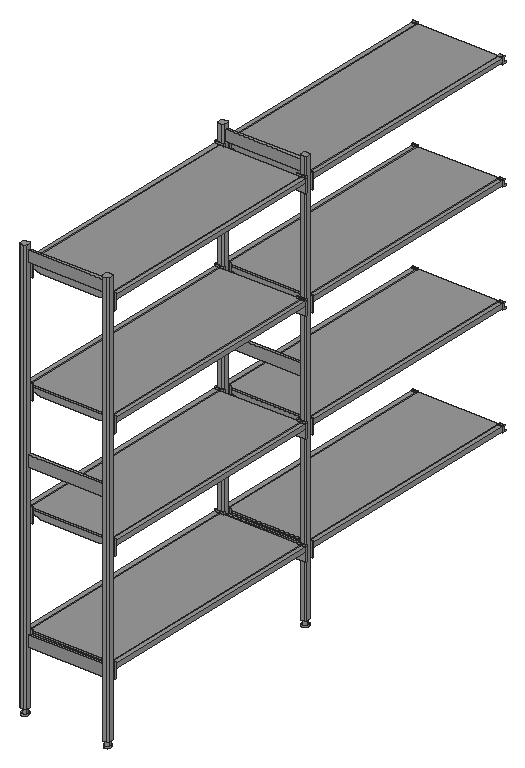
Revit family "QF_ZANUSSI_137064_ACS2016", category Attrezzature speciali, Revit 2020 (continued)
Definition of nested family "WT_Aggancio373"
  Dimensions and locks
    "Height": plane 5 "TOP" to level
    "Depth": plane 3 "BACK" to plane 4 "FRONT"
    "Dint": plane 7 to plane 8
    equal spacing: plane 7, plane 6 "Center (Front/Back)", plane 8
    equal spacing: plane 3 "BACK", plane 6 "Center (Front/Back)", plane 4 "FRONT"
    plane 9 "FEET" to level = 25.0 mm
    plane 5 "TOP" to plane 9 "FEET" = 1700.0 mm
    plane 10 to plane 9 "FEET" = 250.0 mm
    plane 11 to plane 10 = 450.0 mm
    plane 12 to plane 11 = 450.0 mm
    plane 13 to plane 12 = 450.0 mm
    locked: plane 3 "BACK" to plane 15 "CYBack" at 17.5
    locked: plane 16 "CYFront" to plane 4 "FRONT" at 17.5
    aligned and locked: level to plane 1
    aligned and locked: Extrusion 1 sketch curve to Extrusion 1 sketch curve  (x3)
  Automatic sketch dimensions
    plane 16 "CYFront" to Extrusion 1 sketch curve = 1.478 mm  (x4)
    Extrusion 1 sketch curve to Extrusion 1 sketch curve = 2.0 mm
    plane 8 to Extrusion 1 sketch curve = 3.478 mm  (x4)
    Extrusion 1 sketch curve to plane 10 = 4.006 mm
    Extrusion 1 sketch curve to Extrusion 1 sketch curve = 34.0 mm  (x4)
    Extrusion 1 sketch curve to plane 11 = 4.006 mm
    Extrusion 1 sketch curve to plane 12 = 4.006 mm
    Extrusion 1 sketch curve to plane 13 = 4.006 mm
    Extrusion 1 sketch curve to plane 7 = 37.522 mm  (x4)
    Extrusion 1 sketch curve to plane 7 = 3.522 mm  (x4)
    plane 14 to Extrusion 1 sketch curve = 3.516 mm  (x4)
    plane 14 to Extrusion 1 sketch curve = 1.522 mm  (x4)
    plane 10 to Extrusion 1 sketch curve = 7.998 mm  (x2)
    Extrusion 1 sketch curve to Extrusion 1 sketch curve = 11.498 mm  (x4)
    Extrusion 1 sketch curve to Extrusion 1 sketch curve = 6.499 mm  (x8)
    plane 11 to Extrusion 1 sketch curve = 7.998 mm  (x2)
    plane 12 to Extrusion 1 sketch curve = 7.998 mm  (x2)
    plane 13 to Extrusion 1 sketch curve = 7.998 mm  (x2)
    plane 2 "LEFT" to Extrusion 2 sketch curve = 0.0 mm  (x4)
    plane 13 to Extrusion 2 sketch curve = 7.996 mm
    plane 11 to Extrusion 2 sketch curve = 7.996 mm
    Extrusion 2 sketch curve to Extrusion 2 sketch curve = 5.0 mm  (x4)
    plane 11 to Extrusion 2 sketch curve = 2.494 mm
    plane 10 to Extrusion 2 sketch curve = 28.996 mm
    Extrusion 2 sketch curve to Extrusion 2 sketch curve = 3.0 mm  (x4)
    plane 10 to Extrusion 2 sketch curve = 7.996 mm
    plane 10 to Extrusion 2 sketch curve = 2.494 mm
    Extrusion 2 sketch curve to Extrusion 2 sketch curve = 18.0 mm  (x3)
    plane 12 to Extrusion 2 sketch curve = 2.494 mm
    plane 12 to Extrusion 2 sketch curve = 7.996 mm
    plane 13 to Extrusion 2 sketch curve = 2.494 mm
    plane 2 "LEFT" to Extrusion 3 sketch curve = 0.0 mm  (x4)
    plane 13 to Extrusion 3 sketch curve = 7.996 mm
    plane 11 to Extrusion 3 sketch curve = 7.996 mm
    Extrusion 3 sketch curve to Extrusion 3 sketch curve = 5.0 mm  (x4)
    plane 11 to Extrusion 3 sketch curve = 2.494 mm
    plane 10 to Extrusion 3 sketch curve = 28.996 mm
    Extrusion 3 sketch curve to Extrusion 3 sketch curve = 3.0 mm  (x4)
    plane 10 to Extrusion 3 sketch curve = 7.996 mm
    plane 10 to Extrusion 3 sketch curve = 2.494 mm
    Extrusion 3 sketch curve to Extrusion 3 sketch curve = 18.0 mm  (x3)
    plane 12 to Extrusion 3 sketch curve = 2.494 mm
    plane 12 to Extrusion 3 sketch curve = 7.996 mm
    plane 13 to Extrusion 3 sketch curve = 2.494 mm
    plane 2 "LEFT" to curve 1 = 5.0 mm
    plane 2 "LEFT" to curve 7 = 5.0 mm
    curve 1 to plane 16 "CYFront" = 17.5 mm
    curve 3 to plane 8 = 12.522 mm
    plane 7 to curve 5 = 12.478 mm
    curve 7 to plane 14 = 17.5 mm
    curve 5 to curve 5 = 4.0 mm
    curve 1 to curve 4 = 4.0 mm
    Extrusion 2 sketch curve to Extrusion 2 sketch curve = 4.0 mm  (x4)
    Extrusion 2 sketch curve to Extrusion 2 sketch curve = 8.969 mm  (x4)
    Extrusion 3 sketch curve to Extrusion 3 sketch curve = 4.0 mm  (x4)
    Extrusion 3 sketch curve to Extrusion 3 sketch curve = 8.969 mm  (x4)
